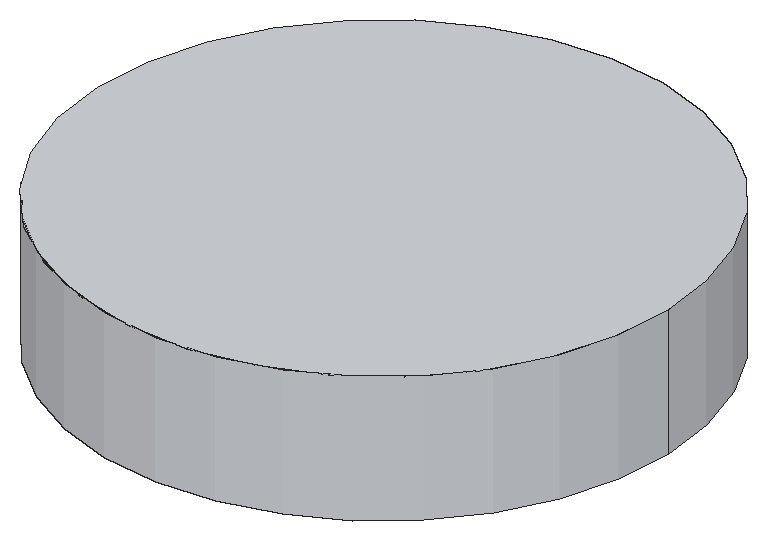
Revit family "CS007552___1CB", category Aparatos sanitarios, Revit 2019
Family settings
  Cota de conector redondo = Diámetro de uso
  Tipo de pieza = Normal
  Número OmniClass = 23.45.00.00
  Título OmniClass = Sanitary, Laundry, and Cleaning Equipment
  Se basa en plano de trabajo = No
  Siempre vertical = Sí
  Corte con vacíos al cargar = No
  Compartido = No
  Punto de cálculo de habitación = No
Parameters (values of type "URINARIO LAWTON HEU")
  _BRIGGS_Profundidad (cm) = "37\r\n38.5"
  _BRIGGS_Ancho (cm) = "49.1"
  _BRIGGS_Alto (cm) = "71.7"
  _BRIGGS_Contacto comercial = "(02) 395 2900"
  _BRIGGS_Tipo de instalación = "Anclado al muro (fijar con uñetas)"
  _BRIGGS_Tipo = "variable"
  _BRIGGS_SKU = "CS007552___1CB"
  _BRIGGS_Revisado = "calidad.planos@edesa.com.ec"
  _BRIGGS_Productos necesarios para la instalación = "Fluxómetro o llave temporizada"
  _BRIGGS_Productos incluidos = "Uñetas, Spud 3/4” de Bronce para Urinario, Flange de Urinario 1 1/2”"
  _BRIGGS_Nombre = "URINARIO LAWTON HEU"
  _BRIGGS_Materiales = "Cerámica Sanitaria"
  _BRIGGS_Marca = "BRIGGS"
  _BRIGGS_Manual de instalación = "https://www.briggs.com.ec/productos/instructivos/Briggs/Sanitarios/Urinario_Lawton.pdf"
  _BRIGGS_Garantía = "De por vida en funcionamiento y acabado de la cerámica sanitaria"
  _BRIGGS_Ficha técnica = "https://www.briggs.com.ec/productos/fichastecnicaspdf/Briggs/Sanitarios/Lawton_Heu.pdf"
  _BRIGGS_Distancia de instalacion = ""
  _BRIGGS_Descripcion = "Urinario instalado a la pared. Funciona con fluxómetro o llave temporizada. Incluye uñetas, spud y flange de urinario."
  _BRIGGS_Cumple normativa ADA = ""
  _BRIGGS_Consumo de agua = ""
  _BRIGGS_Consuma/Capacidad = "1.9 litros"
  _BRIGGS_Conexión hidráulica = "Entrada de agua: tubería ø 1/2\" Salida de agua: tubería PVC 50"
  _BRIGGS_Colores/Acabado = "blanco, cotton"
  _BRIGGS_Certificación = "Cumple con norma NTE INEN 3082"
  _BRIGGS_Categoria = "Productos > Sanitarios > Institucional"
  _BRIGGS_Peso (Kg) = "24.5 kg"
  _BRIGGS_Autor BIM = "Ing. Edwin Cahuatijo"
  _BRIGGS_ BIM Manager = "http://www1.veraquintana.net/_sitevq/"
  Uniformat II Description = ""
  Omniclass Code = "23.45.00.00"
  Diámetro agua sanitaria = 50 mm
  Diámetro agua fría = 12.7 mm
Reference planes
  plane 1 "Centro (Frontal/Posterior)": y = 0
  plane 2: z = 0
  plane 3 "Centro (Izquierda/Derecha)": x = 0
Forms (mm)
  Extrusion 1, solid
    sketch origin (37.758, 51.812, 723.08) x (0, -1, 0) y (1, 0, 0)
      loop
        circle (-57.978, -33.066) r 22
    from 0 to 10
Dimensions and locks
  aligned and locked: level to plane 2
Connectors
  piping at (-38.52, 71.801, 65.731), diameter 50, driven by "Diámetro agua sanitaria"
    settings: on import instance, index 1, connector inside diameter 609.6 mm, connector length 0 mm, flow factor 0, pipe flow 0.0 L/s, pressure drop 0.0 Pa, fitting loss kfactor 0, connector angle 0.00°, fixture units 0, engagement length 0 mm, angle of deflection 0.00°, flow configuration 0, flow direction 0, fitting loss method 0, system type 7, joint type 0, gender type 0, connector reference index -1, connector utility 0, adjustable connector no, is connector primary yes, connector description ""
  piping at (4.691, 109.791, 733.08), diameter 12.7, driven by "Diámetro agua fría"
    settings: on Extrusion 1, index 2, connector inside diameter 609.6 mm, connector length 0 mm, flow factor 0, pipe flow 0.0 L/s, pressure drop 0.0 Pa, fitting loss kfactor 0, connector angle 0.00°, fixture units 0, engagement length 0 mm, angle of deflection 0.00°, flow configuration 0, flow direction 0, fitting loss method 0, system type 7, joint type 0, gender type 0, connector reference index -1, connector utility 0, adjustable connector no, is connector primary no, connector description ""
